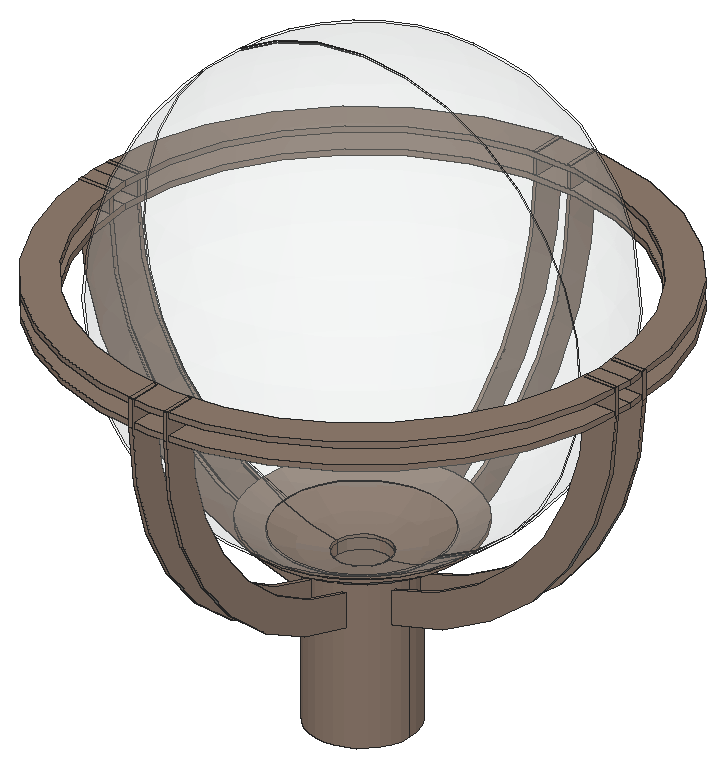
Revit family "WG216", category Generic Models, Revit 2014
Parameters
  GLASS = Glass
  CAST = Bronze, Architectural
Reference planes (in)
  plane 1 "Center (Front/Back)": y = 0
  plane 2: z = 0
  plane 3 "Center (Left/Right)": x = 0
Forms (in)
  Revolve 1, solid, material "Bronze, Architectural" <- "CAST"
    sketch origin (0, 0, -0.698) x (1, 0, 0) y (0, 0, 1)
      loop
        line (-3.67343, 7.29549) -> (-3.67343, 7.18425)
        arc (-3.67343, 7.18425) -> (-2.38021, 6.4617) -> (-0.94305, 6.10237) r 5.61688
        line (-0.94305, 6.10237) -> (-0.94305, 6.21361)
        arc (-0.94305, 6.21361) -> (-2.38021, 6.57294) -> (-3.67343, 7.29549) r 5.61688
      axis (0, 7.29549) -> (0, 6.10237)
    angle from 0 to 360
  Revolve 2, solid, material "Bronze, Architectural" <- "CAST"
    sketch origin (0, 0, -0.698) x (1, 0, 0) y (0, 0, 1)
      loop
        line (-9.80774, 15.24396) -> (-9.80774, 15.05535) -> (-8.67608, 15.05535) -> (-8.67608, 15.24396) -> (-9.80774, 15.24396)
      loop
        line (-9.80774, 14.48952) -> (-9.80774, 14.30091) -> (-8.67608, 14.30091) -> (-8.67608, 14.48952) -> (-9.80774, 14.48952)
      axis (0, 15.24396) -> (0, 14.30091)
    angle from 0 to 360
  Extrusion 3, solid, material "Bronze, Architectural" <- "CAST"
    sketch origin (0, 0, -0.698) x (1, 0, 0) y (0, 0, 1)
      loop
        line (-8.67544, 15.24396) -> (-9.80044, 15.24396) -> (-9.80044, 14.30091)
        arc (-9.80044, 14.30091) -> (-7.45763, 7.93898) -> (-1.54828, 4.61595) r 9.80934
        line (-1.54828, 4.61595) -> (-1.54828, 5.75732)
        arc (-1.54828, 5.75732) -> (-6.65971, 8.73787) -> (-8.67544, 14.30091) r 8.68434
        line (-8.67544, 14.30091) -> (-8.67544, 15.24396)
    from -0.6875 to -0.5625
  Extrusion 4, solid, material "Bronze, Architectural" <- "CAST"
    sketch origin (0, 0, -0.698) x (1, 0, 0) y (0, 0, -1)
      loop
        line (-8.67544, -15.24396) -> (-8.67544, -14.30091)
        arc (-8.67544, -14.30091) -> (-6.65971, -8.73787) -> (-1.54828, -5.75732) r 8.68434
        line (-1.54828, -5.75732) -> (-1.54828, -4.61595)
        arc (-1.54828, -4.61595) -> (-7.45763, -7.93898) -> (-9.80044, -14.30091) r 9.80934
        line (-9.80044, -14.30091) -> (-9.80044, -15.24396) -> (-8.67544, -15.24396)
    from -0.6875 to -0.5625
  Extrusion 5, solid, material "Bronze, Architectural" <- "CAST"
    sketch origin (0, 0, -0.698) x (-1, 0, 0) y (0, 0, -1)
      loop
        line (-8.67544, -15.24396) -> (-8.67544, -14.30091)
        arc (-8.67544, -14.30091) -> (-6.65971, -8.73787) -> (-1.54828, -5.75732) r 8.68434
        line (-1.54828, -5.75732) -> (-1.54828, -4.61595)
        arc (-1.54828, -4.61595) -> (-7.45763, -7.93898) -> (-9.80044, -14.30091) r 9.80934
        line (-9.80044, -14.30091) -> (-9.80044, -15.24396) -> (-8.67544, -15.24396)
    from -0.6875 to -0.5625
  Extrusion 6, solid, material "Bronze, Architectural" <- "CAST"
    sketch origin (0, 0, -0.698) x (-1, 0, 0) y (0, 0, 1)
      loop
        line (-8.67544, 15.24396) -> (-9.80044, 15.24396) -> (-9.80044, 14.30091)
        arc (-9.80044, 14.30091) -> (-7.45763, 7.93898) -> (-1.54828, 4.61595) r 9.80934
        line (-1.54828, 4.61595) -> (-1.54828, 5.75732)
        arc (-1.54828, 5.75732) -> (-6.65971, 8.73787) -> (-8.67544, 14.30091) r 8.68434
        line (-8.67544, 14.30091) -> (-8.67544, 15.24396)
    from -0.6875 to -0.5625
  Extrusion 7, solid, material "Bronze, Architectural" <- "CAST"
    sketch origin (0, 0, -0.698) x (0, -1, 0) y (0, 0, 1)
      loop
        line (-8.67544, 15.24396) -> (-9.80044, 15.24396) -> (-9.80044, 14.30091)
        arc (-9.80044, 14.30091) -> (-7.45763, 7.93898) -> (-1.54828, 4.61595) r 9.80934
        line (-1.54828, 4.61595) -> (-1.54828, 5.75732)
        arc (-1.54828, 5.75732) -> (-6.65971, 8.73787) -> (-8.67544, 14.30091) r 8.68434
        line (-8.67544, 14.30091) -> (-8.67544, 15.24396)
    from -0.6875 to -0.5625
  Extrusion 8, solid, material "Bronze, Architectural" <- "CAST"
    sketch origin (0, 0, -0.698) x (0, -1, 0) y (0, 0, -1)
      loop
        line (-8.67544, -15.24396) -> (-8.67544, -14.30091)
        arc (-8.67544, -14.30091) -> (-6.65971, -8.73787) -> (-1.54828, -5.75732) r 8.68434
        line (-1.54828, -5.75732) -> (-1.54828, -4.61595)
        arc (-1.54828, -4.61595) -> (-7.45763, -7.93898) -> (-9.80044, -14.30091) r 9.80934
        line (-9.80044, -14.30091) -> (-9.80044, -15.24396) -> (-8.67544, -15.24396)
    from -0.6875 to -0.5625
  Extrusion 9, solid, material "Bronze, Architectural" <- "CAST"
    sketch origin (0, 0, -0.698) x (0, 1, 0) y (0, 0, -1)
      loop
        line (-8.67544, -15.24396) -> (-8.67544, -14.30091)
        arc (-8.67544, -14.30091) -> (-6.65971, -8.73787) -> (-1.54828, -5.75732) r 8.68434
        line (-1.54828, -5.75732) -> (-1.54828, -4.61595)
        arc (-1.54828, -4.61595) -> (-7.45763, -7.93898) -> (-9.80044, -14.30091) r 9.80934
        line (-9.80044, -14.30091) -> (-9.80044, -15.24396) -> (-8.67544, -15.24396)
    from -0.6875 to -0.5625
  Extrusion 10, solid, material "Bronze, Architectural" <- "CAST"
    sketch origin (0, 0, -0.698) x (0, 1, 0) y (0, 0, 1)
      loop
        line (-8.67544, 15.24396) -> (-9.80044, 15.24396) -> (-9.80044, 14.30091)
        arc (-9.80044, 14.30091) -> (-7.45763, 7.93898) -> (-1.54828, 4.61595) r 9.80934
        line (-1.54828, 4.61595) -> (-1.54828, 5.75732)
        arc (-1.54828, 5.75732) -> (-6.65971, 8.73787) -> (-8.67544, 14.30091) r 8.68434
        line (-8.67544, 14.30091) -> (-8.67544, 15.24396)
    from -0.6875 to -0.5625
  Revolve 11, solid, material "Glass" <- "GLASS"
    sketch origin (0, 0, -0.698) x (1, 0, 0) y (0, 0, 1)
      loop
        arc (0, 22.4218) -> (-7.88457, 15.82002) -> (-2.77105, 6.89804) r 8.0092
        line (-2.77105, 6.89804) -> (-2.74216, 6.95401)
        arc (-2.74216, 6.95401) -> (-7.82372, 15.80523) -> (0, 22.3593) r 7.9467
        line (0, 22.3593) -> (0, 22.4218)
      axis (0, 22.4218) -> (0, 6.89804)
    angle from 0 to 360
  Revolve 12, solid, material "Bronze, Architectural" <- "CAST"
    sketch origin (-41.33296, 0, -4.0884) x (1, 0, 0) y (0, 0, 1)
      loop
        line (39.58296, 9.604) -> (39.58296, 4.0884) -> (39.83296, 4.0884) -> (39.83296, 9.104) -> (40.38991, 9.104) -> (40.38991, 9.604) -> (39.58296, 9.604)
      axis (41.33296, 9.604) -> (41.33296, 4.0884)
    angle from 0 to 360
Cuts and joins
  joined: Extrusion 3, Extrusion 4, Extrusion 5, Extrusion 6, Extrusion 7, Extrusion 8, Extrusion 9, Extrusion 10, Revolve 12
Dimensions and locks (in)
  aligned and locked: plane 2 to level
